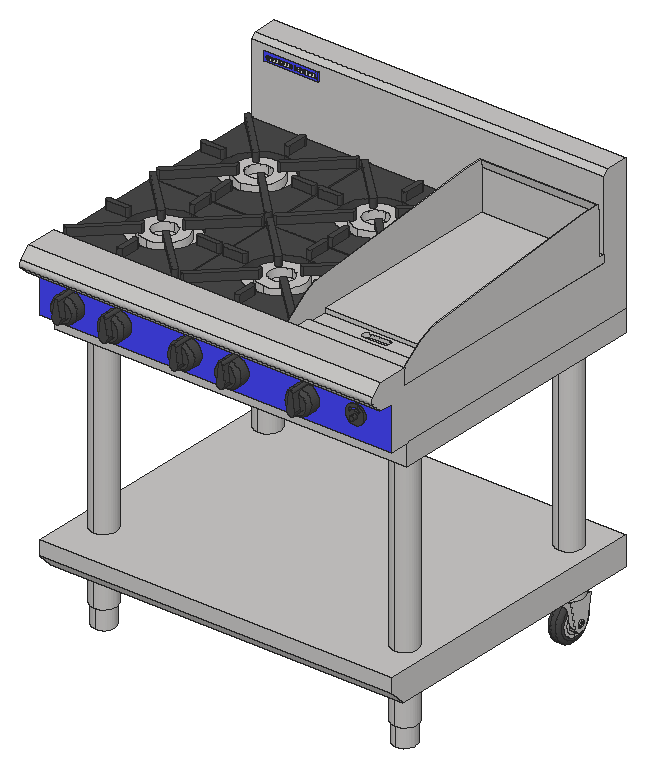
Revit family "QF_MOFFAT_BLUESEAL_CE_G516C-LS", category Specialty Equipment, Revit 2012
Parameters
  Width = 900 mm
  Weight in Pounds = 283  # constant formula
  URL Cutsheet = "www.moffat.com"
  URL = "www.moffat.com"
  Type Mark [instance] = ""
  Status [instance] = ""
  Specification by User [instance] = ""
  Specification by Manufacturer = ""
  Show Logo [instance] = yes
  Show Casters [instance] = yes
  Serial Number = ""
  Seismic Rating = ""
  SMACNA No = ""
  Revision Code [instance] = ""
  Omniclass Number and Title = ""
  NAFEM Spec ID Number = ""
  Model = "G516C-LS"
  Mechanical Remarks = ""
  Mechanical Connection Type = ""
  Masterspec = ""
  Manufacturer = "MOFFAT BLUESEAL"
  Legs [instance] = not(Show Casters)  # no
  Item Number [instance] = ""
  Installed By [instance] = ""
  Identify Quantity as Lot [instance] = yes
  Gas Size = 3/4"
  Gas RI Height = 0 mm
  Gas KW = 36.6
  Gas Input = 125111.0 Btu/h
  Gas Connection Height = 0 mm
  Furnished By [instance] = ""
  Foodservice Equipment Identifier [instance] = yes
  Description = "900MM GAS COOK TOP ON LEG STAND"
  Depth = 812 mm
  CSI MasterFormat = ""
  CSI Master Format = ""
  Base Height [instance] = 150 mm
Reference planes
  plane 1 "BACK": y = 0
  plane 2: z = 0
  plane 3 "LEFT": x = 0
  plane 4 "RIGHT": x = 900
  plane 5 "FRONT": y = -812
  plane 6 "TOP": z = 970
  plane 7 "Center Y": x = 450
  plane 8 "Center X": y = -406
  plane 9 "Base Height": z = 150
  plane 10: z = 915
  plane 11: x = 770
  plane 12: z = 1085
  plane 13: x = 65.354
  plane 14: y = -625
  plane 15: y = -100
  plane 16: x = 834.646
  plane 17: z = 655
Forms (mm)
  Extrusion 1, solid, material "QF_Finishes_Stainless Steel"
    sketch origin (0, 0, 0) x (0, 1, 0) y (0, 0, 1)
      loop
        line (-749, 850) -> (-749, 740) -> (0, 740) -> (0, 1085) -> (-57.5, 1085) -> (-70, 1072.5) -> (-70, 875) -> (-705, 875) -> (-705, 915) -> (-783.97, 915) -> (-808.485, 890.485)
        arc (-808.485, 890.485) -> (-811.999, 882) -> (-808.485, 873.515) r 12
        line (-808.485, 873.515) -> (-784.97, 850) -> (-749, 850)
      loop
        line (0, 685) -> (0, 739.5) -> (-699, 739.5) -> (-699, 685) -> (0, 685)
      loop
        line (0, 222.5) -> (-749, 222.5) -> (-749, 186) -> (-713, 150) -> (0, 150) -> (0, 222.5)
    from 0 to 900
  Revolve 2, solid, material "QF_Finishes_Black"
    sketch origin (90, 7, 600) x (0, 1, 0) y (0, 0, -1)
      loop
        line (-789, -229.5) -> (-766, -229.5) -> (-766, -202) -> (-756, -202) -> (-756, -197) -> (-800, -197) -> (-800, -223.651) -> (-789, -229.5)
      axis (-800, -197) -> (-756, -197)
    angle from 0 to 360
  Extrusion 3, solid, material "QF_Finishes_Black"
    sketch origin (90, -759, 797) x (0, 0, 1) y (1, 0, 0)
      loop
        arc (32.192, -4.965) -> (37.079, 0.034) -> (32.192, 5.033) r 5
        line (32.192, 5.033) -> (-10.726, 10.453)
        arc (-10.726, 10.453) -> (-22.392, 0.618) -> (-11.893, -10.454) r 10.487
        line (-11.893, -10.454) -> (32.192, -4.965)
    from 0 to -49
  Extrusion 4, solid, material "QF_Finishes_Stainless Steel"
    sketch origin (0, 0, 222.5) x (0, -1, 0) y (1, 0, 0)
      loop
        circle (100, 65) r 31.75
      loop
        circle (625, 65) r 31.75
      loop
        circle (100, 835) r 31.75
      loop
        circle (625, 835) r 31.75
    from 0 to 462.5
  Revolve 5, solid, material "QF_Finishes_Stainless Steel", visible <- "Legs"
    sketch origin (65.5, -166, 0) x (0, 1, 0) y (0, 0, 1)
      loop
        line (34.25, 150) -> (34.25, 50) -> (38.5, 50) -> (38.5, 0) -> (66, 0) -> (66, 150) -> (34.25, 150)
      axis (66, 150) -> (66, 0)
    angle from 0 to 360
  Revolve 6, solid, material "QF_Finishes_Stainless Steel"
    sketch origin (65.5, -735, 0) x (0, 1, 0) y (0, 0, 1)
      loop
        line (78.25, 150) -> (78.25, 50) -> (82.5, 50) -> (82.5, 0) -> (110, 0) -> (110, 150) -> (78.25, 150)
      axis (110, 150) -> (110, 0)
    angle from 0 to 360
  Revolve 7, solid, material "QF_Finishes_Stainless Steel", visible <- "Legs"
    sketch origin (834.646, -166, -0.354) x (0, 1, 0) y (0, 0, -1)
      loop
        line (34.25, -150) -> (66, -150) -> (66, -0.354) -> (38.5, -0.354) -> (38.5, -50) -> (34.25, -50) -> (34.25, -150)
      axis (66, -150) -> (66, -0.354)
    angle from 0 to 360
  Revolve 8, solid, material "QF_Finishes_Stainless Steel"
    sketch origin (834.646, -728, -0.354) x (0, 1, 0) y (0, 0, -1)
      loop
        line (71.25, -150) -> (103, -150) -> (103, -0.354) -> (75.5, -0.354) -> (75.5, -50) -> (71.25, -50) -> (71.25, -150)
      axis (103, -150) -> (103, -0.354)
    angle from 0 to 360
  Revolve 9, solid, material "QF_Finishes_Stainless Steel", visible <- "Show Casters"
    sketch origin (16.276, -100.755, -12.8) x (1, 0, 0) y (0, 0, 1)
      loop
        line (14.841, 63.604) -> (83.584, 63.604) -> (83.584, 67.109) -> (82.314, 68.379) -> (80.79, 68.379) -> (80.79, 71.826) -> (68.644, 71.826) -> (68.644, 81.79) -> (65.088, 83.843) -> (63.738, 92.179) -> (65.881, 92.179) -> (65.881, 98.529) -> (65.088, 98.529) -> (65.088, 104.879)
        arc (65.088, 104.879) -> (62.298, 111.614) -> (55.563, 114.404) r 9.525
        line (55.563, 114.404) -> (42.863, 114.404)
        arc (42.863, 114.404) -> (36.127, 111.614) -> (33.338, 104.879) r 9.525
        line (33.338, 104.879) -> (33.338, 98.529) -> (32.544, 98.529) -> (32.544, 92.179) -> (34.687, 92.179) -> (33.352, 83.932) -> (29.782, 81.871) -> (29.782, 71.826) -> (17.635, 71.826) -> (17.635, 68.379) -> (16.111, 68.379) -> (14.841, 67.109) -> (14.841, 63.604)
      axis (14.841, 63.604) -> (83.584, 63.604)
    angle from 0 to 360
  Extrusion 10, solid, material "QF_Finishes_Stainless Steel", visible <- "Show Casters"
    sketch origin (72.001, 132.353, -8.783) x (0, 1, 0) y (0, 0, 1)
      loop
        line (-200.603, 118.783) -> (-264.103, 118.783) -> (-251.746, 53.895)
        arc (-251.746, 53.895) -> (-232.353, 38.783) -> (-212.959, 53.895) r 20
        line (-212.959, 53.895) -> (-200.603, 118.783)
    from -35.667 to 22.923
  Revolve 11, solid, material "QF_Finishes_Stainless Steel", visible <- "Show Casters"
    sketch origin (65.5, -204, 0) x (0, 1, 0) y (0, 0, 1)
      loop
        line (68.25, 150) -> (68.25, 110) -> (104, 110) -> (104, 150) -> (68.25, 150)
      axis (104, 150) -> (104, 110)
    angle from 0 to 360
  Revolve 12, solid, material "QF_Finishes_Stainless Steel", visible <- "Legs"
    sketch origin (65.5, -166, 0) x (0, 1, 0) y (0, 0, 1)
      loop
        line (34.25, 150) -> (34.25, 50) -> (38.5, 50) -> (38.5, 0) -> (66, 0) -> (66, 150) -> (34.25, 150)
      axis (66, 150) -> (66, 0)
    angle from 0 to 360
  Revolve 13, solid, material "QF_Finishes_Stainless Steel", visible <- "Show Casters"
    sketch origin (485.423, -100.755, -12.798) x (1, 0, 0) y (0, 0, 1)
      loop
        line (314.841, 63.604) -> (383.584, 63.604) -> (383.584, 67.109) -> (382.314, 68.379) -> (380.79, 68.379) -> (380.79, 71.826) -> (368.644, 71.826) -> (368.644, 81.79) -> (365.088, 83.843) -> (363.738, 92.179) -> (365.881, 92.179) -> (365.881, 98.529) -> (365.088, 98.529) -> (365.088, 104.879)
        arc (365.088, 104.879) -> (362.298, 111.614) -> (355.563, 114.404) r 9.525
        line (355.563, 114.404) -> (342.863, 114.404)
        arc (342.863, 114.404) -> (336.127, 111.614) -> (333.338, 104.879) r 9.525
        line (333.338, 104.879) -> (333.338, 98.529) -> (332.544, 98.529) -> (332.544, 92.179) -> (334.687, 92.179) -> (333.352, 83.932) -> (329.782, 81.871) -> (329.782, 71.826) -> (317.635, 71.826) -> (317.635, 68.379) -> (316.111, 68.379) -> (314.841, 67.109) -> (314.841, 63.604)
      axis (314.841, 63.604) -> (383.584, 63.604)
    angle from 0 to 360
  Extrusion 14, solid, material "QF_Finishes_Stainless Steel", visible <- "Show Casters"
    sketch origin (841.147, 132.353, -9.137) x (0, 1, 0) y (0, 0, 1)
      loop
        line (-200.603, 118.783) -> (-264.103, 118.783) -> (-251.746, 53.895)
        arc (-251.746, 53.895) -> (-232.353, 38.783) -> (-212.959, 53.895) r 20
        line (-212.959, 53.895) -> (-200.603, 118.783)
    from -35.667 to 22.923
  Revolve 15, solid, material "QF_Finishes_Stainless Steel", visible <- "Show Casters"
    sketch origin (834.646, -204, -0.354) x (0, 1, 0) y (0, 0, 1)
      loop
        line (68.25, 150) -> (68.25, 110) -> (104, 110) -> (104, 150) -> (68.25, 150)
      axis (104, 150) -> (104, 110)
    angle from 0 to 360
  Extrusion 16, solid, material "QF_Finishes_Stainless Steel"
    sketch origin (0, 0, 685) x (-1, 0, 0) y (0, 1, 0)
      loop
        circle (-770, -32) r 6.35
    from 0 to 30
  Revolve 17, solid, material "QF_Finishes_Black"
    sketch origin (390, 7, 600) x (0, 1, 0) y (0, 0, -1)
      loop
        line (-789, -229.5) -> (-766, -229.5) -> (-766, -202) -> (-756, -202) -> (-756, -197) -> (-800, -197) -> (-800, -223.651) -> (-789, -229.5)
      axis (-800, -197) -> (-756, -197)
    angle from 0 to 360
  Extrusion 18, solid, material "QF_Finishes_Black"
    sketch origin (390, -759, 797) x (0, 0, 1) y (1, 0, 0)
      loop
        arc (32.192, -4.965) -> (37.079, 0.034) -> (32.192, 5.033) r 5
        line (32.192, 5.033) -> (-10.726, 10.453)
        arc (-10.726, 10.453) -> (-22.392, 0.618) -> (-11.893, -10.454) r 10.487
        line (-11.893, -10.454) -> (32.192, -4.965)
    from 0 to -49
  Revolve 19, solid, material "QF_Finishes_Black"
    sketch origin (690, 7, 600) x (0, 1, 0) y (0, 0, -1)
      loop
        line (-789, -229.5) -> (-766, -229.5) -> (-766, -202) -> (-756, -202) -> (-756, -197) -> (-800, -197) -> (-800, -223.651) -> (-789, -229.5)
      axis (-800, -197) -> (-756, -197)
    angle from 0 to 360
  Extrusion 20, solid, material "QF_Finishes_Black"
    sketch origin (690, -759, 797) x (0, 0, 1) y (1, 0, 0)
      loop
        arc (32.192, -4.965) -> (37.079, 0.034) -> (32.192, 5.033) r 5
        line (32.192, 5.033) -> (-10.726, 10.453)
        arc (-10.726, 10.453) -> (-22.392, 0.618) -> (-11.893, -10.454) r 10.487
        line (-11.893, -10.454) -> (32.192, -4.965)
    from 0 to -49
  Extrusion 21, solid, material "QF_Finishes_Black"
    sketch origin (0, -749, 850) x (0, 0, -1) y (1, 0, 0)
      loop
        circle (53, 810) r 23.9
      loop
        arc (45.641, 818.419) -> (46.501, 823.219) -> (41.701, 824.079) r 3.448
        arc (41.701, 824.079) -> (35.116, 809.341) -> (42.919, 795.209) r 18.095
        arc (42.919, 795.209) -> (47.641, 796.491) -> (46.326, 801.204) r 3.448
        arc (46.326, 801.204) -> (42.758, 809.683) -> (45.641, 818.419) r 13.109
    from 0 to 5
  Extrusion 22, solid, material "QF_Finishes_Black"
    sketch origin (0, -754, 850) x (0, 0, -1) y (1, 0, 0)
      loop
        circle (56.5, 810) r 5.75
    from 0 to 10
  Revolve 23, solid, material "QF_Finishes_Black"
    sketch origin (210, 7, 600) x (0, 1, 0) y (0, 0, -1)
      loop
        line (-789, -229.5) -> (-766, -229.5) -> (-766, -202) -> (-756, -202) -> (-756, -197) -> (-800, -197) -> (-800, -223.651) -> (-789, -229.5)
      axis (-800, -197) -> (-756, -197)
    angle from 0 to 360
  Extrusion 24, solid, material "QF_Finishes_Black"
    sketch origin (210, -759, 797) x (0, 0, 1) y (1, 0, 0)
      loop
        arc (32.192, -4.965) -> (37.079, 0.034) -> (32.192, 5.033) r 5
        line (32.192, 5.033) -> (-10.726, 10.453)
        arc (-10.726, 10.453) -> (-22.392, 0.618) -> (-11.893, -10.454) r 10.487
        line (-11.893, -10.454) -> (32.192, -4.965)
    from 0 to -49
  Revolve 25, solid, material "QF_Finishes_Black"
    sketch origin (510, 7, 600) x (0, 1, 0) y (0, 0, -1)
      loop
        line (-789, -229.5) -> (-766, -229.5) -> (-766, -202) -> (-756, -202) -> (-756, -197) -> (-800, -197) -> (-800, -223.651) -> (-789, -229.5)
      axis (-800, -197) -> (-756, -197)
    angle from 0 to 360
  Extrusion 26, solid, material "QF_Finishes_Black"
    sketch origin (510, -759, 797) x (0, 0, 1) y (1, 0, 0)
      loop
        arc (32.192, -4.965) -> (37.079, 0.034) -> (32.192, 5.033) r 5
        line (32.192, 5.033) -> (-10.726, 10.453)
        arc (-10.726, 10.453) -> (-22.392, 0.618) -> (-11.893, -10.454) r 10.487
        line (-11.893, -10.454) -> (32.192, -4.965)
    from 0 to -49
Lines and regions (mm)
  Split face 1
    outline origin (0, -56.5, 1085) x (0, 1, 0) y (-1, 0, 0)
      loop
        line (11.115, -338.041) -> (11.115, -566)
        arc (11.115, -566) -> (16.115, -574.66) -> (26.115, -574.66) r 10
        line (26.115, -574.66) -> (33.115, -570.619)
        arc (33.115, -570.619) -> (36.775, -566.959) -> (38.115, -561.959) r 10
        line (38.115, -561.959) -> (38.115, -334)
        arc (38.115, -334) -> (33.115, -325.34) -> (23.115, -325.34) r 10
        line (23.115, -325.34) -> (16.115, -329.381)
        arc (16.115, -329.381) -> (12.455, -333.041) -> (11.115, -338.041) r 10
  Split face 2
    outline origin (0, -56.5, 1085) x (0, 1, 0) y (-1, 0, 0)
      loop
        line (38.115, -851.959) -> (38.115, -624)
        arc (38.115, -624) -> (33.115, -615.34) -> (23.115, -615.34) r 10
        line (23.115, -615.34) -> (16.115, -619.381)
        arc (16.115, -619.381) -> (12.455, -623.041) -> (11.115, -628.041) r 10
        line (11.115, -628.041) -> (11.115, -856)
        arc (11.115, -856) -> (16.115, -864.66) -> (26.115, -864.66) r 10
        line (26.115, -864.66) -> (33.115, -860.619)
        arc (33.115, -860.619) -> (36.775, -856.959) -> (38.115, -851.959) r 10
  Split face 3
    outline origin (0, -56.5, 1085) x (0, 1, 0) y (-1, 0, 0)
      loop
        line (11.115, -48.041) -> (11.115, -276)
        arc (11.115, -276) -> (16.115, -284.66) -> (26.115, -284.66) r 10
        line (26.115, -284.66) -> (33.115, -280.619)
        arc (33.115, -280.619) -> (36.775, -276.959) -> (38.115, -271.959) r 10
        line (38.115, -271.959) -> (38.115, -44)
        arc (38.115, -44) -> (33.115, -35.34) -> (23.115, -35.34) r 10
        line (23.115, -35.34) -> (16.115, -39.381)
        arc (16.115, -39.381) -> (12.455, -43.041) -> (11.115, -48.041) r 10
  symbolic lines, style "SpecialityEquipmentHiddenLines", visible <- "Show Casters"
    curve 1: line (78.456, -46.735, 0) -> (105.952, -62.61, 0)
    curve 2: line (27.656, -134.723, 0) -> (78.456, -46.735, 0)
    curve 3: line (55.152, -150.598, 0) -> (27.656, -134.723, 0)
    curve 4: line (105.952, -62.61, 0) -> (55.152, -150.598, 0)
    curve 5: line (848.456, -46.735, 0) -> (875.952, -62.61, 0)
    curve 6: line (797.656, -134.723, 0) -> (848.456, -46.735, 0)
    curve 7: line (825.152, -150.598, 0) -> (797.656, -134.723, 0)
    curve 8: line (875.952, -62.61, 0) -> (825.152, -150.598, 0)
  symbolic lines
    curve 9: line (0, -783.97, 0) -> (900, -783.97, 0)
    curve 10: line (0, 0, 0) -> (0, -811.999, 0)
    curve 11: line (900, -811.999, 0) -> (900, 0, 0)
    curve 12: line (900, -811.999, 0) -> (0, -811.999, 0)
    curve 13: line (0, -70, 0) -> (900, -70, 0)
    curve 14: line (0, -57.5, 0) -> (900, -57.5, 0)
    curve 15: line (900, 0, 0) -> (0, 0, 0)
    curve 16: line (561.959, -18.385, 0) -> (334, -18.385, 0)
    curve 17: arc (334, -18.385, 0) -> (325.34, -23.385, 0) -> (325.34, -33.385, 0) r 10
    curve 18: line (325.34, -33.385, 0) -> (329.381, -40.385, 0)
    curve 19: arc (329.381, -40.385, 0) -> (333.041, -44.045, 0) -> (338.041, -45.385, 0) r 10
    curve 20: line (338.041, -45.385, 0) -> (566, -45.385, 0)
    curve 21: arc (566, -45.385, 0) -> (574.66, -40.385, 0) -> (574.66, -30.385, 0) r 10
    curve 22: line (574.66, -30.385, 0) -> (570.619, -23.385, 0)
    curve 23: arc (570.619, -23.385, 0) -> (566.959, -19.725, 0) -> (561.959, -18.385, 0) r 10
    curve 24: line (851.959, -18.385, 0) -> (624, -18.385, 0)
    curve 25: arc (624, -18.385, 0) -> (615.34, -23.385, 0) -> (615.34, -33.385, 0) r 10
    curve 26: line (615.34, -33.385, 0) -> (619.381, -40.385, 0)
    curve 27: arc (619.381, -40.385, 0) -> (623.041, -44.045, 0) -> (628.041, -45.385, 0) r 10
    curve 28: line (628.041, -45.385, 0) -> (856, -45.385, 0)
    curve 29: arc (856, -45.385, 0) -> (864.66, -40.385, 0) -> (864.66, -30.385, 0) r 10
    curve 30: line (864.66, -30.385, 0) -> (860.619, -23.385, 0)
    curve 31: arc (860.619, -23.385, 0) -> (856.959, -19.725, 0) -> (851.959, -18.385, 0) r 10
    curve 32: line (271.959, -18.385, 0) -> (44, -18.385, 0)
    curve 33: arc (44, -18.385, 0) -> (35.34, -23.385, 0) -> (35.34, -33.385, 0) r 10
    curve 34: line (35.34, -33.385, 0) -> (39.381, -40.385, 0)
    curve 35: arc (39.381, -40.385, 0) -> (43.041, -44.045, 0) -> (48.041, -45.385, 0) r 10
    curve 36: line (48.041, -45.385, 0) -> (276, -45.385, 0)
    curve 37: arc (276, -45.385, 0) -> (284.66, -40.385, 0) -> (284.66, -30.385, 0) r 10
    curve 38: line (284.66, -30.385, 0) -> (280.619, -23.385, 0)
    curve 39: arc (280.619, -23.385, 0) -> (276.959, -19.725, 0) -> (271.959, -18.385, 0) r 10
    curve 40: line (0, -705, 0) -> (900, -705, 0)
Dimensions and locks
  equal spacing: plane 3 "LEFT", plane 7 "Center Y", plane 4 "RIGHT"
  "Width": plane 3 "LEFT" to plane 4 "RIGHT"
  equal spacing: plane 5 "FRONT", plane 8 "Center X", plane 1 "BACK"
  "Depth": plane 5 "FRONT" to plane 1 "BACK"
  equal spacing: plane 4 "RIGHT", plane 7 "Center Y", plane 3 "LEFT"
  plane 4 "RIGHT" to plane 3 "LEFT" = 900 mm
  plane 5 "FRONT" to plane 1 "BACK" = 812 mm
  "Base Height": plane 9 "Base Height" to level
  plane 6 "TOP" to level = 970 mm
  plane 10 to level = 915 mm
  plane 11 to plane 4 "RIGHT" = 130 mm
  plane 12 to plane 2 = 1085 mm
  Revolve 9 sketch curve to Revolve 9 sketch curve = 50.8 mm
  Revolve 13 sketch curve to Revolve 13 sketch curve = 50.8 mm
  plane 15 to plane 14 = 525 mm
  plane 17 to plane 2 = 655 mm
  Extrusion 16 sketch curve to plane 1 "BACK" = 32 mm
  aligned and locked: level to plane 2
Automatic sketch dimensions
  plane 1 "BACK" to curve 15 = 0 mm
  curve 15 to plane 3 "LEFT" = 0 mm
  curve 11 to plane 4 "RIGHT" = 0 mm
  plane 3 "LEFT" to curve 2 = 27.656 mm
  plane 13 to curve 34 = 30.014 mm
  curve 34 to curve 34 = 4.041 mm
  curve 33 to curve 33 = 8.66 mm
  curve 34 to curve 35 = 8.66 mm
  plane 13 to curve 3 = 10.202 mm
  curve 1 to plane 13 = 13.102 mm
  plane 1 "BACK" to curve 39 = 18.385 mm
  curve 1 to curve 39 = 166.007 mm
  curve 39 to curve 37 = 4.041 mm
  curve 32 to curve 39 = 8.66 mm
  plane 1 "BACK" to curve 38 = 30.385 mm
  curve 38 to curve 38 = 4.041 mm
  plane 1 "BACK" to curve 18 = 33.385 mm
  curve 38 to curve 18 = 40.679 mm
  curve 17 to curve 19 = 4.041 mm  (x2)
  curve 17 to curve 16 = 8.66 mm
  plane 1 "BACK" to curve 23 = 28.385 mm
  plane 7 "Center Y" to curve 23 = 111.959 mm
  curve 23 to curve 20 = 4.041 mm
  curve 16 to curve 23 = 8.66 mm
  curve 23 to curve 21 = 4.041 mm
  plane 1 "BACK" to curve 26 = 33.385 mm
  curve 22 to curve 26 = 40.679 mm
  curve 26 to curve 27 = 4.041 mm
  curve 25 to curve 24 = 8.66 mm
  curve 26 to curve 27 = 8.66 mm
  plane 11 to curve 6 = 27.656 mm
  curve 8 to plane 16 = 9.494 mm
  plane 16 to curve 6 = 13.809 mm
  plane 16 to curve 24 = 17.312 mm
  curve 5 to curve 28 = 7.544 mm
  curve 31 to curve 31 = 8.66 mm
  curve 31 to curve 29 = 4.041 mm
  curve 33 to curve 32 = 15 mm
  curve 27 to curve 25 = 2 mm
  curve 37 to curve 37 = 5 mm
  curve 35 to curve 33 = 7 mm
  plane 1 "BACK" to curve 29 = 35.385 mm
  curve 21 to curve 23 = 7 mm
  curve 19 to curve 17 = 2 mm
  curve 27 to curve 26 = 7 mm
  curve 18 to curve 17 = 7 mm
  curve 1 to curve 36 = 1.35 mm
  curve 6 to curve 28 = 1.35 mm
  curve 14 to plane 15 = 42.5 mm
  curve 5 to curve 14 = 5.11 mm
  curve 4 to curve 1 = 15.875 mm
  curve 13 to curve 14 = 12.5 mm
  plane 14 to curve 40 = 80 mm
  curve 9 to plane 5 "FRONT" = 28.03 mm
  curve 12 to plane 5 "FRONT" = 0.001 mm
  curve 27 to curve 25 = 7 mm
  curve 19 to curve 17 = 7 mm
  curve 29 to curve 31 = 7 mm
  curve 37 to curve 39 = 7 mm
  plane 10 to Extrusion 1 sketch curve = 0 mm
  Extrusion 1 sketch curve to plane 9 "Base Height" = 0 mm
  plane 12 to Extrusion 1 sketch curve = 0 mm
  Extrusion 1 sketch curve to plane 1 "BACK" = 0 mm  (x3)
  Extrusion 1 sketch curve to plane 15 = 42.5 mm
  plane 12 to Extrusion 1 sketch curve = 12.5 mm
  Extrusion 1 sketch curve to Extrusion 1 sketch curve = 12.5 mm
  plane 17 to Extrusion 1 sketch curve = 30 mm
  plane 14 to Extrusion 1 sketch curve = 74 mm
  plane 14 to Extrusion 1 sketch curve = 80 mm
  plane 14 to Extrusion 1 sketch curve = 88 mm
  Extrusion 1 sketch curve to Extrusion 1 sketch curve = 44 mm
  Extrusion 1 sketch curve to Extrusion 1 sketch curve = 36 mm
  Extrusion 1 sketch curve to plane 5 "FRONT" = 28.03 mm
  Extrusion 1 sketch curve to plane 5 "FRONT" = 27.03 mm
  Extrusion 1 sketch curve to plane 5 "FRONT" = 12.001 mm
  Extrusion 1 sketch curve to plane 5 "FRONT" = 3.515 mm  (x2)
  plane 9 "Base Height" to Extrusion 1 sketch curve = 36 mm
  plane 9 "Base Height" to Extrusion 1 sketch curve = 72.5 mm
  Extrusion 1 sketch curve to Extrusion 1 sketch curve = 54.5 mm
  Extrusion 1 sketch curve to Extrusion 1 sketch curve = 0.5 mm
  plane 10 to Extrusion 1 sketch curve = 65 mm
  Extrusion 1 sketch curve to Extrusion 1 sketch curve = 23.515 mm
  plane 10 to Extrusion 1 sketch curve = 40 mm
  Extrusion 1 sketch curve to Extrusion 1 sketch curve = 8.485 mm
  Revolve 2 sketch curve to plane 5 "FRONT" = 19 mm
  Revolve 2 sketch curve to Revolve 2 sketch curve = 0 mm  (x2)
  Revolve 2 sketch curve to Revolve 2 sketch curve = 11 mm
  Revolve 2 sketch curve to Revolve 2 sketch curve = 12.7 mm
  Revolve 2 sketch curve to Revolve 2 sketch curve = 23 mm
  Revolve 2 sketch curve to Revolve 2 sketch curve = 10 mm
  plane 10 to Revolve 2 sketch curve = 85.5 mm
  Revolve 2 sketch curve to Revolve 2 sketch curve = 5.849 mm
  Revolve 2 sketch curve to Revolve 2 sketch curve = 27.5 mm
  Revolve 2 sketch curve to Revolve 2 sketch curve = 5 mm
  Extrusion 3 sketch curve to Revolve 2 = 0.034 mm  (x2)
  Revolve 2 to Extrusion 3 sketch curve = 10.454 mm
  Extrusion 3 sketch curve to Extrusion 3 sketch curve = 0.028 mm
  Extrusion 3 sketch curve to Revolve 2 = 10.453 mm
  Extrusion 3 sketch curve to Extrusion 3 sketch curve = 44 mm
  Extrusion 3 sketch curve to Revolve 2 = 5.033 mm
  Extrusion 3 sketch curve to Extrusion 3 sketch curve = 0.113 mm
  Revolve 2 to Extrusion 3 sketch curve = 4.965 mm
  Extrusion 4 sketch curve to Extrusion 4 sketch curve = 0 mm  (x8)
  Extrusion 1 to Extrusion 4 sketch curve = 68.25 mm  (x2)
  Extrusion 4 sketch curve to Extrusion 4 sketch curve = 31.75 mm  (x4)
  Extrusion 4 sketch curve to Extrusion 1 = 155.75 mm  (x2)
  Extrusion 1 to Extrusion 4 sketch curve = 65 mm  (x4)
  Revolve 5 sketch curve to plane 9 "Base Height" = 0 mm
  Revolve 5 sketch curve to level = 0 mm
  Revolve 5 sketch curve to plane 15 = 0 mm  (x2)
  plane 15 to Revolve 5 sketch curve = 27.5 mm
  plane 15 to Revolve 5 sketch curve = 31.75 mm
  Revolve 5 sketch curve to Revolve 5 sketch curve = 55 mm
  level to Revolve 5 sketch curve = 50 mm
  Revolve 5 sketch curve to Revolve 5 sketch curve = 0 mm
  Revolve 6 sketch curve to plane 9 "Base Height" = 0 mm
  Revolve 6 sketch curve to level = 0 mm
  Revolve 6 sketch curve to plane 14 = 0 mm  (x2)
  Revolve 6 sketch curve to Revolve 6 sketch curve = 27.5 mm
  Revolve 6 sketch curve to Revolve 6 sketch curve = 31.75 mm
  Revolve 6 sketch curve to Revolve 6 sketch curve = 55 mm
  level to Revolve 6 sketch curve = 50 mm
  Revolve 6 sketch curve to Revolve 6 sketch curve = 0 mm
  Revolve 7 sketch curve to level = 0 mm
  Revolve 7 sketch curve to plane 15 = 0 mm  (x2)
  plane 15 to Revolve 7 sketch curve = 27.5 mm
  Revolve 7 sketch curve to plane 9 "Base Height" = 0.354 mm
  plane 15 to Revolve 7 sketch curve = 31.75 mm
  level to Revolve 7 sketch curve = 49.646 mm
  Revolve 7 sketch curve to Revolve 7 sketch curve = 0 mm
  Revolve 7 sketch curve to level = 55.354 mm
  Revolve 8 sketch curve to level = 0 mm
  Revolve 8 sketch curve to plane 14 = 0 mm  (x2)
  Revolve 8 sketch curve to Revolve 8 sketch curve = 27.5 mm
  Revolve 8 sketch curve to plane 9 "Base Height" = 0.354 mm
  plane 14 to Revolve 8 sketch curve = 31.75 mm
  level to Revolve 8 sketch curve = 49.646 mm
  Revolve 8 sketch curve to Revolve 8 sketch curve = 0 mm
  Revolve 8 sketch curve to Revolve 8 sketch curve = 55.354 mm
  plane 3 "LEFT" to Revolve 9 sketch curve = 31.118 mm
  Revolve 9 sketch curve to Revolve 9 sketch curve = 1.27 mm  (x4)
  Revolve 9 sketch curve to Revolve 9 sketch curve = 1.524 mm  (x2)
  Revolve 9 sketch curve to Revolve 9 sketch curve = 12.146 mm  (x2)
  plane 13 to Revolve 9 sketch curve = 16.533 mm
  Revolve 9 sketch curve to Revolve 9 sketch curve = 0.794 mm  (x2)
  Revolve 9 sketch curve to Revolve 9 sketch curve = 3.57 mm
  Revolve 9 sketch curve to Revolve 9 sketch curve = 2.143 mm
  plane 13 to Revolve 9 sketch curve = 6.215 mm
  Revolve 9 sketch curve to plane 13 = 5.276 mm
  Revolve 9 sketch curve to plane 13 = 6.485 mm
  Revolve 9 sketch curve to plane 13 = 14.661 mm
  Revolve 9 sketch curve to Revolve 9 sketch curve = 1.349 mm  (x2)
  Revolve 9 sketch curve to Revolve 9 sketch curve = 3.556 mm
  Revolve 9 sketch curve to Revolve 9 sketch curve = 33.32 mm
  level to Revolve 9 sketch curve = 50.804 mm
  Revolve 9 sketch curve to Revolve 9 sketch curve = 0 mm
  Revolve 9 sketch curve to Revolve 9 sketch curve = 3.505 mm  (x2)
  Revolve 9 sketch curve to Revolve 9 sketch curve = 3.447 mm  (x2)
  Revolve 9 sketch curve to Revolve 9 sketch curve = 9.964 mm
  Revolve 9 sketch curve to Revolve 9 sketch curve = 10.045 mm
  Revolve 9 sketch curve to Revolve 9 sketch curve = 2.053 mm
  Revolve 9 sketch curve to Revolve 9 sketch curve = 2.061 mm
  Revolve 9 sketch curve to Revolve 9 sketch curve = 8.247 mm
  Revolve 9 sketch curve to Revolve 9 sketch curve = 8.336 mm
  Revolve 9 sketch curve to Revolve 9 sketch curve = 6.35 mm  (x2)
  Extrusion 10 sketch curve to plane 15 = 0 mm
  plane 15 to Extrusion 10 sketch curve = 19.393 mm
  plane 15 to Extrusion 10 sketch curve = 31.75 mm
  Extrusion 10 sketch curve to plane 15 = 19.393 mm
  Extrusion 10 sketch curve to plane 15 = 31.75 mm
  level to Extrusion 10 sketch curve = 45.111 mm
  Extrusion 10 sketch curve to Extrusion 10 sketch curve = 4.889 mm
  Extrusion 10 sketch curve to plane 9 "Base Height" = 40 mm
  Revolve 11 sketch curve to plane 9 "Base Height" = 0 mm
  Revolve 11 sketch curve to plane 15 = 0 mm  (x2)
  plane 15 to Revolve 11 sketch curve = 35.75 mm
  Revolve 11 sketch curve to Revolve 11 sketch curve = 40 mm
  level to Revolve 11 sketch curve = 50 mm
  Revolve 11 sketch curve to level = 55 mm
  Revolve 12 sketch curve to plane 9 "Base Height" = 0 mm
  Revolve 12 sketch curve to level = 0 mm
  Revolve 12 sketch curve to plane 15 = 0 mm  (x2)
  plane 15 to Revolve 12 sketch curve = 27.5 mm
  plane 15 to Revolve 12 sketch curve = 31.75 mm
  Revolve 12 sketch curve to Revolve 12 sketch curve = 55 mm
  level to Revolve 12 sketch curve = 50 mm
  Revolve 12 sketch curve to Revolve 12 sketch curve = 0 mm
  plane 11 to Revolve 13 sketch curve = 30.264 mm
  Revolve 13 sketch curve to Revolve 13 sketch curve = 1.27 mm  (x4)
  Revolve 13 sketch curve to Revolve 13 sketch curve = 1.524 mm  (x2)
  Revolve 13 sketch curve to Revolve 13 sketch curve = 12.146 mm  (x2)
  Revolve 13 sketch curve to plane 16 = 16.68 mm
  Revolve 13 sketch curve to Revolve 13 sketch curve = 0.794 mm  (x2)
  Revolve 13 sketch curve to Revolve 13 sketch curve = 3.57 mm
  Revolve 13 sketch curve to Revolve 13 sketch curve = 2.143 mm
  Revolve 13 sketch curve to plane 16 = 6.361 mm
  plane 16 to Revolve 13 sketch curve = 5.13 mm
  plane 16 to Revolve 13 sketch curve = 6.339 mm
  plane 16 to Revolve 13 sketch curve = 14.515 mm
  Revolve 13 sketch curve to Revolve 13 sketch curve = 1.349 mm  (x2)
  Revolve 13 sketch curve to Revolve 13 sketch curve = 3.556 mm
  Revolve 13 sketch curve to plane 4 "RIGHT" = 2.327 mm
  level to Revolve 13 sketch curve = 50.806 mm
  Revolve 13 sketch curve to Revolve 13 sketch curve = 0 mm
  Revolve 13 sketch curve to Revolve 13 sketch curve = 3.505 mm  (x2)
  Revolve 13 sketch curve to Revolve 13 sketch curve = 3.447 mm  (x2)
  Revolve 13 sketch curve to Revolve 13 sketch curve = 9.964 mm
  Revolve 13 sketch curve to Revolve 13 sketch curve = 10.045 mm
  Revolve 13 sketch curve to Revolve 13 sketch curve = 2.053 mm
  Revolve 13 sketch curve to Revolve 13 sketch curve = 2.061 mm
  Revolve 13 sketch curve to Revolve 13 sketch curve = 8.247 mm
  Revolve 13 sketch curve to Revolve 13 sketch curve = 8.336 mm
  Revolve 13 sketch curve to Revolve 13 sketch curve = 6.35 mm  (x2)
  Extrusion 14 sketch curve to plane 15 = 0 mm
  plane 15 to Extrusion 14 sketch curve = 19.393 mm
  plane 15 to Extrusion 14 sketch curve = 31.75 mm
  Extrusion 14 sketch curve to plane 15 = 19.393 mm
  Extrusion 14 sketch curve to plane 15 = 31.75 mm
  level to Extrusion 14 sketch curve = 44.758 mm
  Extrusion 14 sketch curve to Extrusion 14 sketch curve = 4.889 mm
  Extrusion 14 sketch curve to plane 9 "Base Height" = 40.354 mm
  Revolve 15 sketch curve to plane 15 = 0 mm  (x2)
  Revolve 15 sketch curve to plane 9 "Base Height" = 0.354 mm
  plane 15 to Revolve 15 sketch curve = 35.75 mm
  Revolve 15 sketch curve to Revolve 15 sketch curve = 40 mm
  level to Revolve 15 sketch curve = 49.646 mm
  Revolve 15 sketch curve to level = 55.354 mm
  Extrusion 16 sketch curve to Extrusion 16 sketch curve = 0 mm
  Extrusion 16 sketch curve to Extrusion 1 = 38.35 mm
  Extrusion 16 sketch curve to Extrusion 1 = 130 mm
  Split face 1 sketch curve to Extrusion 1 = 12.115 mm
  Split face 1 sketch curve to Split face 1 sketch curve = 5 mm  (x2)
  Split face 1 sketch curve to Split face 1 sketch curve = 10 mm  (x3)
  Split face 1 sketch curve to Split face 1 sketch curve = 7 mm  (x4)
  Split face 1 sketch curve to Extrusion 1 = 325.34 mm
  Split face 1 sketch curve to Split face 1 sketch curve = 4.041 mm  (x2)
  Split face 1 sketch curve to Split face 1 sketch curve = 223.917 mm
  Split face 2 sketch curve to Extrusion 1 = 12.115 mm
  Split face 2 sketch curve to Split face 2 sketch curve = 5 mm  (x2)
  Split face 2 sketch curve to Split face 2 sketch curve = 10 mm  (x3)
  Split face 2 sketch curve to Split face 2 sketch curve = 7 mm  (x4)
  Split face 2 sketch curve to Extrusion 1 = 35.34 mm
  Split face 2 sketch curve to Split face 2 sketch curve = 4.041 mm  (x2)
  Split face 2 sketch curve to Split face 2 sketch curve = 223.917 mm
  Split face 3 sketch curve to Extrusion 1 = 12.115 mm
  Split face 3 sketch curve to Split face 3 sketch curve = 5 mm  (x3)
  Split face 3 sketch curve to Split face 3 sketch curve = 10 mm  (x2)
  Split face 3 sketch curve to Split face 3 sketch curve = 7 mm  (x4)
  Split face 3 sketch curve to Extrusion 1 = 284.66 mm
  Split face 3 sketch curve to Split face 3 sketch curve = 4.041 mm  (x2)
  Split face 3 sketch curve to Extrusion 1 = 48.041 mm
  Revolve 17 sketch curve to plane 5 "FRONT" = 19 mm
  Revolve 17 sketch curve to Revolve 17 sketch curve = 0 mm  (x2)
  Revolve 17 sketch curve to Revolve 17 sketch curve = 11 mm
  Revolve 17 sketch curve to Revolve 17 sketch curve = 12.7 mm
  Revolve 17 sketch curve to Revolve 17 sketch curve = 23 mm
  Revolve 17 sketch curve to Revolve 17 sketch curve = 10 mm
  plane 10 to Revolve 17 sketch curve = 85.5 mm
  Revolve 17 sketch curve to Revolve 17 sketch curve = 5.849 mm
  Revolve 17 sketch curve to Revolve 17 sketch curve = 27.5 mm
  Revolve 17 sketch curve to Revolve 17 sketch curve = 5 mm
  Extrusion 18 sketch curve to Revolve 17 = 0.034 mm  (x2)
  Revolve 17 to Extrusion 18 sketch curve = 10.454 mm
  Extrusion 18 sketch curve to Extrusion 18 sketch curve = 0.028 mm
  Extrusion 18 sketch curve to Revolve 17 = 10.453 mm
  Extrusion 18 sketch curve to Extrusion 18 sketch curve = 44 mm
  Extrusion 18 sketch curve to Revolve 17 = 5.033 mm
  Extrusion 18 sketch curve to Extrusion 18 sketch curve = 0.113 mm
  Revolve 17 to Extrusion 18 sketch curve = 4.965 mm
  Revolve 19 sketch curve to plane 5 "FRONT" = 19 mm
  Revolve 19 sketch curve to Revolve 19 sketch curve = 0 mm  (x2)
  Revolve 19 sketch curve to Revolve 19 sketch curve = 11 mm
  Revolve 19 sketch curve to Revolve 19 sketch curve = 12.7 mm
  Revolve 19 sketch curve to Revolve 19 sketch curve = 23 mm
  Revolve 19 sketch curve to Revolve 19 sketch curve = 10 mm
  plane 10 to Revolve 19 sketch curve = 85.5 mm
  Revolve 19 sketch curve to Revolve 19 sketch curve = 5.849 mm
  Revolve 19 sketch curve to Revolve 19 sketch curve = 27.5 mm
  Revolve 19 sketch curve to Revolve 19 sketch curve = 5 mm
  Extrusion 20 sketch curve to Revolve 19 = 0.034 mm  (x2)
  Revolve 19 to Extrusion 20 sketch curve = 10.454 mm
  Extrusion 20 sketch curve to Extrusion 20 sketch curve = 0.028 mm
  Extrusion 20 sketch curve to Revolve 19 = 10.453 mm
  Extrusion 20 sketch curve to Extrusion 20 sketch curve = 44 mm
  Extrusion 20 sketch curve to Revolve 19 = 5.033 mm
  Extrusion 20 sketch curve to Extrusion 20 sketch curve = 0.113 mm
  Revolve 19 to Extrusion 20 sketch curve = 4.965 mm
  Extrusion 21 sketch curve to Extrusion 1 = 41.701 mm
  Extrusion 21 sketch curve to Extrusion 21 sketch curve = 1.218 mm
  Extrusion 21 sketch curve to Extrusion 21 sketch curve = 1.97 mm  (x2)
  Extrusion 21 sketch curve to Extrusion 21 sketch curve = 1.724 mm
  Extrusion 21 sketch curve to Extrusion 21 sketch curve = 1.683 mm
  Extrusion 21 sketch curve to Extrusion 21 sketch curve = 6.674 mm
  Extrusion 21 sketch curve to Extrusion 21 sketch curve = 0.195 mm
  Extrusion 21 sketch curve to Extrusion 21 sketch curve = 2.662 mm
  Extrusion 1 to Extrusion 21 sketch curve = 104.791 mm
  Extrusion 21 sketch curve to Extrusion 21 sketch curve = 2.986 mm
  Extrusion 21 sketch curve to Extrusion 21 sketch curve = 8.796 mm
  Extrusion 21 sketch curve to Extrusion 21 sketch curve = 0.103 mm
  Extrusion 21 sketch curve to Extrusion 21 sketch curve = 0.102 mm
  Revolve 23 sketch curve to plane 5 "FRONT" = 19 mm
  Revolve 23 sketch curve to Revolve 23 sketch curve = 0 mm  (x2)
  Revolve 23 sketch curve to Revolve 23 sketch curve = 11 mm
  Revolve 23 sketch curve to Revolve 23 sketch curve = 12.7 mm
  Revolve 23 sketch curve to Revolve 23 sketch curve = 23 mm
  Revolve 23 sketch curve to Revolve 23 sketch curve = 10 mm
  plane 10 to Revolve 23 sketch curve = 85.5 mm
  Revolve 23 sketch curve to Revolve 23 sketch curve = 5.849 mm
  Revolve 23 sketch curve to Revolve 23 sketch curve = 27.5 mm
  Revolve 23 sketch curve to Revolve 23 sketch curve = 5 mm
  Extrusion 24 sketch curve to Revolve 23 = 0.034 mm  (x2)
  Revolve 23 to Extrusion 24 sketch curve = 10.454 mm
  Extrusion 24 sketch curve to Extrusion 24 sketch curve = 0.028 mm
  Extrusion 24 sketch curve to Revolve 23 = 10.453 mm
  Extrusion 24 sketch curve to Extrusion 24 sketch curve = 44 mm
  Extrusion 24 sketch curve to Revolve 23 = 5.033 mm
  Extrusion 24 sketch curve to Extrusion 24 sketch curve = 0.113 mm
  Revolve 23 to Extrusion 24 sketch curve = 4.965 mm
  Revolve 25 sketch curve to plane 5 "FRONT" = 19 mm
  Revolve 25 sketch curve to Revolve 25 sketch curve = 0 mm  (x2)
  Revolve 25 sketch curve to Revolve 25 sketch curve = 11 mm
  Revolve 25 sketch curve to Revolve 25 sketch curve = 12.7 mm
  Revolve 25 sketch curve to Revolve 25 sketch curve = 23 mm
  Revolve 25 sketch curve to Revolve 25 sketch curve = 10 mm
  plane 10 to Revolve 25 sketch curve = 85.5 mm
  Revolve 25 sketch curve to Revolve 25 sketch curve = 5.849 mm
  Revolve 25 sketch curve to Revolve 25 sketch curve = 27.5 mm
  Revolve 25 sketch curve to Revolve 25 sketch curve = 5 mm
  Extrusion 26 sketch curve to Revolve 25 = 0.034 mm  (x2)
  Revolve 25 to Extrusion 26 sketch curve = 10.454 mm
  Extrusion 26 sketch curve to Extrusion 26 sketch curve = 0.028 mm
  Extrusion 26 sketch curve to Revolve 25 = 10.453 mm
  Extrusion 26 sketch curve to Extrusion 26 sketch curve = 44 mm
  Extrusion 26 sketch curve to Revolve 25 = 5.033 mm
  Extrusion 26 sketch curve to Extrusion 26 sketch curve = 0.113 mm
  Revolve 25 to Extrusion 26 sketch curve = 4.965 mm
  radius of Extrusion 21 sketch curve = 23.9 mm
  radius of Extrusion 22 sketch curve = 5.75 mm
Nested families
  nested 1: "WALDORF LOGO_FACE BASE" at (32, -70, 1057.475) x (1, 0, 0) z (0, -1, 0), visible <- "Show Logo", type "WALDORF LOGO_FACE BASE", detail levels medium+fine
    with Show Logo yes
  nested 2: "GAS BURNER 600 & GRIDDLE 300" at (0, -69.854, 875), type "GAS BURNER 600 & GRIDDLE 300"
    with Width 900 mm, Type Mark "", Status "", Specification by User "", Revision Code "", Item Number "", Installed By "", Identify Quantity as Lot yes, Furnished By "", Foodservice Equipment Identifier yes, Depth 635 mm
Connectors
  piping at (770, -32, 655)
    settings: on Extrusion 16, index 1, connector radius 0.37402", flow factor 0, pipe flow 0 GPM, pressure drop 0.00 psi, fitting loss kfactor 0, connector angle 0.00°, fixture units 0, engagement length 0 mm, flow configuration 1, flow direction 1, fitting loss method 0, system type 7, joint type 0, gender type 0, connector reference index -1, connector utility 0, adjustable connector no, is connector primary yes, fitting loss table "", connector description "GAS CONNECTION"
Definition of nested family "WALDORF LOGO_FACE BASE"
  Parameters (values of type "WALDORF LOGO_FACE BASE")
    Show Logo [instance] = yes
    Default Elevation = 1219.2 mm
  Reference planes
    plane 1 "Center (Front/Back)": y = 0
    plane 2: z = 0
    plane 3 "Center (Left/Right)": x = 0
  Forms (mm)
    Extrusion 1, solid
      sketch origin (0, 0, 0) x (1, 0, 0) y (0, 1, 0)
        loop
          line (-1219.2, 1219.2) -> (-1219.2, -1219.2) -> (1219.2, -1219.2) -> (1219.2, 1219.2) -> (-1219.2, 1219.2)
      from 0 to -304.8
    Extrusion 2, solid, material "QF_Finishes_Blue", visible <- "Show Logo"
      sketch origin (0, -33.217, 0) x (1, 0, 0) y (0, 1, 0)
        loop
          arc (138, 31.942) -> (137.626, 32.844) -> (136.724, 33.217) r 1.276
          line (136.724, 33.217) -> (1.29, 33.217)
          arc (1.29, 33.217) -> (0.378, 32.839) -> (0, 31.927) r 1.29
          line (0, 31.927) -> (0, 11.507)
          arc (0, 11.507) -> (0.378, 10.595) -> (1.29, 10.217) r 1.29
          line (1.29, 10.217) -> (136.71, 10.217)
          arc (136.71, 10.217) -> (137.622, 10.595) -> (138, 11.507) r 1.29
          line (138, 11.507) -> (138, 31.942)
      from 0 to 1.588
    Extrusion 3, solid, material "QF_Finishes_White", visible <- "Show Logo"
      sketch origin (0, -33.217, 1.588) x (1, 0, 0) y (0, 1, 0)
        loop
          arc (108.946, 25.919) -> (107.613, 25.367) -> (107.061, 24.034) r 1.885
          line (107.061, 24.034) -> (107.061, 17.211) -> (112.704, 17.211) -> (112.704, 19.129) -> (115.546, 19.129) -> (115.546, 17.211) -> (121.584, 17.211) -> (121.584, 24.075)
          arc (121.584, 24.075) -> (121.043, 25.379) -> (119.739, 25.919) r 1.845
          line (119.739, 25.919) -> (108.946, 25.919)
        loop
          line (123.478, 25.919) -> (123.478, 17.163) -> (134.904, 17.163) -> (134.904, 19.129) -> (129.246, 19.129) -> (129.246, 25.919) -> (123.478, 25.919)
        loop
          line (112.704, 21.258) -> (115.546, 21.258) -> (115.546, 22.702)
          arc (115.546, 22.702) -> (115.344, 23.188) -> (114.858, 23.389) r 0.687
          line (114.858, 23.389) -> (113.363, 23.389)
          arc (113.363, 23.389) -> (112.897, 23.196) -> (112.704, 22.73) r 0.658
          line (112.704, 22.73) -> (112.704, 21.258)
        loop
          line (105.071, 25.919) -> (93.771, 25.919) -> (93.771, 17.163) -> (105.071, 17.163) -> (105.071, 19.063) -> (99.535, 19.063) -> (99.535, 20.437) -> (105.071, 20.437) -> (105.071, 22.278) -> (99.535, 22.278) -> (99.535, 23.587) -> (105.071, 23.587) -> (105.071, 25.919)
        loop
          line (91.104, 25.919) -> (79.541, 25.919)
          arc (79.541, 25.919) -> (78.558, 25.513) -> (78.152, 24.53) r 1.389
          line (78.152, 24.53) -> (78.152, 22.08)
          arc (78.152, 22.08) -> (78.558, 21.098) -> (79.541, 20.691) r 1.389
          line (79.541, 20.691) -> (86.346, 20.691) -> (86.346, 18.864) -> (83.266, 18.864) -> (83.266, 19.664) -> (78.152, 19.664) -> (78.152, 18.553)
          arc (78.152, 18.553) -> (78.558, 17.57) -> (79.541, 17.163) r 1.389
          line (79.541, 17.163) -> (91.063, 17.163)
          arc (91.063, 17.163) -> (92.045, 17.57) -> (92.452, 18.553) r 1.389
          line (92.452, 18.553) -> (92.452, 20.691)
          arc (92.452, 20.691) -> (92.045, 21.673) -> (91.063, 22.08) r 1.389
          line (91.063, 22.08) -> (83.266, 22.08) -> (83.266, 23.984) -> (86.346, 23.984) -> (86.346, 22.743) -> (92.452, 22.743) -> (92.452, 24.571)
          arc (92.452, 24.571) -> (92.057, 25.524) -> (91.104, 25.919) r 1.348
        loop
          line (70.705, 25.919) -> (59.405, 25.919) -> (59.405, 17.163) -> (70.705, 17.163) -> (70.705, 19.063) -> (65.169, 19.063) -> (65.169, 20.437) -> (70.705, 20.437) -> (70.705, 22.278) -> (65.169, 22.278) -> (65.169, 23.587) -> (70.705, 23.587) -> (70.705, 25.919)
        loop
          line (57.598, 25.919) -> (51.7, 25.919) -> (51.7, 20.18)
          arc (51.7, 20.18) -> (50.63, 19.11) -> (49.56, 20.18) r 1.07
          line (49.56, 20.18) -> (49.56, 25.919) -> (43.663, 25.919) -> (43.663, 19.049)
          arc (43.663, 19.049) -> (44.215, 17.716) -> (45.548, 17.163) r 1.885
          line (45.548, 17.163) -> (55.71, 17.163)
          arc (55.71, 17.163) -> (57.045, 17.716) -> (57.598, 19.051) r 1.887
          line (57.598, 19.051) -> (57.598, 25.919)
        loop
          line (31.62, 25.919) -> (31.62, 17.163) -> (43.046, 17.163) -> (43.046, 19.129) -> (37.388, 19.129) -> (37.388, 25.919) -> (31.62, 25.919)
        loop
          line (15.969, 25.919) -> (15.969, 17.163) -> (28.693, 17.163)
          arc (28.693, 17.163) -> (29.812, 17.627) -> (30.276, 18.746) r 1.582
          line (30.276, 18.746) -> (30.276, 20.447) -> (29.48, 21.243) -> (30.276, 22.039) -> (30.276, 24.332)
          arc (30.276, 24.332) -> (29.811, 25.454) -> (28.688, 25.919) r 1.587
          line (28.688, 25.919) -> (15.969, 25.919)
        loop
          line (21.449, 24.159) -> (21.449, 22.436) -> (23.862, 22.436)
          arc (23.862, 22.436) -> (24.723, 23.298) -> (23.862, 24.159) r 0.861
          line (23.862, 24.159) -> (21.449, 24.159)
        loop
          line (21.449, 20.244) -> (21.449, 18.522) -> (23.862, 18.522)
          arc (23.862, 18.522) -> (24.723, 19.383) -> (23.862, 20.244) r 0.861
          line (23.862, 20.244) -> (21.449, 20.244)
      from 0 to 0.2
    Extrusion 4, solid, material "QF_Finishes_Blue", visible <- "Show Logo"
      sketch origin (-126.498, -31.09, 1.588) x (1, 0, 0) y (0, 1, 0)
        loop
          line (136.738, 23.522) -> (136.738, 15.1)
          arc (136.738, 15.1) -> (140.756, 19.311) -> (136.738, 23.522) r 4.216
      from 0 to 0.2
    Extrusion 5, solid, material "QF_Finishes_Red", visible <- "Show Logo"
      sketch origin (146.849, -31.09, 1.588) x (-1, 0, 0) y (0, -1, 0)
        loop
          arc (136.738, -23.522) -> (140.756, -19.311) -> (136.738, -15.1) r 4.216
          line (136.738, -15.1) -> (136.738, -23.522)
      from 0 to 0.2
  Lines and regions (mm)
    Split face 1
      outline origin (-90.35, -30.793, 1.588) x (1, 0, 0) y (0, 1, 0)
        loop
          circle (100.54, 19.013) r 4.536
  Dimensions and locks
    aligned and locked: plane 2 to Extrusion 1
    aligned and locked: level to Extrusion 1
Definition of nested family "GAS BURNER 600 & GRIDDLE 300"
  Parameters (values of type "GAS BURNER 600 & GRIDDLE 300")
    Width [instance] = 900 mm
    Weight in Pounds = 0
    URL Cutsheet = ""
    Type Mark [instance] = ""
    Status [instance] = ""
    Specification by User [instance] = ""
    Specification by Manufacturer = ""
    Serial Number = ""
    Seismic Rating = ""
    SMACNA No = ""
    Revision Code [instance] = ""
    Omniclass Number and Title = ""
    NAFEM Spec ID Number = ""
    Masterspec = ""
    Item Number [instance] = ""
    Installed By [instance] = ""
    Identify Quantity as Lot [instance] = yes
    Furnished By [instance] = ""
    Foodservice Equipment Identifier [instance] = yes
    Depth [instance] = 635 mm
    CSI MasterFormat = ""
    CSI Master Format = ""
  Reference planes
    plane 1 "BACK": y = 0
    plane 2: z = 0
    plane 3 "LEFT": x = 0
    plane 4 "RIGHT": x = 900
    plane 5 "FRONT": y = -635
    plane 6 "TOP": z = 142.5
    plane 7 "Center Y": x = 450
    plane 8 "Center X": y = -317.5
  Dimensions and locks
    equal spacing: plane 3 "LEFT", plane 7 "Center Y", plane 4 "RIGHT"
    "Width": plane 3 "LEFT" to plane 4 "RIGHT"
    equal spacing: plane 5 "FRONT", plane 8 "Center X", plane 1 "BACK"
    "Depth": plane 5 "FRONT" to plane 1 "BACK"
    aligned and locked: level to plane 2
  Nested families
    nested 1: "GAS BURNER 600" at (0, 0, 0), type "GAS BURNER 600"
      with Width 600 mm, Type Mark "", Status "", Specification by User "", Revision Code "", Item Number "", Installed By "", Identify Quantity as Lot yes, Furnished By "", Foodservice Equipment Identifier yes, Depth 635 mm
    nested 2: "GAS GRIDDLE PLATE 300" at (600, -15, 0), type "GAS GRIDDLE PLATE 300"
      with Width 300 mm, Type Mark "", Status "", Specification by User "", Revision Code "", Item Number "", Installed By "", Identify Quantity as Lot yes, Furnished By "", Foodservice Equipment Identifier yes, Depth 620 mm
  Definition of nested family "GAS BURNER 600"
    Parameters (values of type "GAS BURNER 600")
      Width [instance] = 600 mm
      Weight in Pounds = 0
      URL Cutsheet = ""
      Type Mark [instance] = ""
      Status [instance] = ""
      Specification by User [instance] = ""
      Specification by Manufacturer = ""
      Serial Number = ""
      Seismic Rating = ""
      SMACNA No = ""
      Revision Code [instance] = ""
      Omniclass Number and Title = ""
      NAFEM Spec ID Number = ""
      Masterspec = ""
      Item Number [instance] = ""
      Installed By [instance] = ""
      Identify Quantity as Lot [instance] = yes
      Furnished By [instance] = ""
      Foodservice Equipment Identifier [instance] = yes
      Depth [instance] = 635 mm
      CSI MasterFormat = ""
      CSI Master Format = ""
    Reference planes
      plane 1 "BACK": y = 0
      plane 2: z = 0
      plane 3 "LEFT": x = 0
      plane 4 "RIGHT": x = 600
      plane 5 "FRONT": y = -635
      plane 6 "TOP": z = 142.5
      plane 7 "Center Y": x = 300
      plane 8 "Center X": y = -317.5
    Forms (mm)
      Extrusion 1, solid, material "QF_Finishes_Black"
        sketch origin (0, 0, 0) x (0, -1, 0) y (1, 0, 0)
          loop
            line (318.5, 4) -> (318.5, 296)
            arc (318.5, 296) -> (317.621, 298.121) -> (315.5, 299) r 3
            line (315.5, 299) -> (3, 299)
            arc (3, 299) -> (0.879, 298.121) -> (0, 296) r 3
            line (0, 296) -> (0, 4)
            arc (0, 4) -> (0.879, 1.879) -> (3, 1) r 3
            line (3, 1) -> (315.5, 1)
            arc (315.5, 1) -> (317.621, 1.879) -> (318.5, 4) r 3
          loop
            line (324.5, 1) -> (632, 1)
            arc (632, 1) -> (634.121, 1.879) -> (635, 4) r 3
            line (635, 4) -> (635, 296)
            arc (635, 296) -> (634.121, 298.121) -> (632, 299) r 3
            line (632, 299) -> (324.5, 299)
            arc (324.5, 299) -> (322.379, 298.121) -> (321.5, 296) r 3
            line (321.5, 296) -> (321.5, 4)
            arc (321.5, 4) -> (322.379, 1.879) -> (324.5, 1) r 3
          loop
            circle (168.5, 149.991) r 84.082
          loop
            circle (468.5, 149.991) r 84.082
        from 0 to 19.5
      Extrusion 2, solid, material "QF_Finishes_Black"
        sketch origin (0, 0, 19.5) x (0, -1, 0) y (1, 0, 0)
          loop
            spline (326.102, 15.153) -> (325.181, 13.924) -> (324.631, 12.47) -> (324.49, 10.89) -> (324.767, 9.292) -> (325.443, 7.786) -> (326.473, 6.473) -> (327.786, 5.443) -> (329.292, 4.767) -> (330.89, 4.49) -> (332.47, 4.631) -> (333.924, 5.181) -> (335.153, 6.102)
            line (335.153, 6.102) -> (443.076, 114.025)
            spline (443.076, 114.025) -> (443.837, 115.095) -> (444.238, 116.399) -> (444.251, 117.851) -> (443.875, 119.35) -> (443.137, 120.795) -> (442.086, 122.086) -> (440.795, 123.137) -> (439.35, 123.875) -> (437.851, 124.251) -> (436.399, 124.238) -> (435.095, 123.837) -> (434.025, 123.076)
            line (434.025, 123.076) -> (326.102, 15.153)
          loop
            spline (328.898, 156.4) -> (327.604, 156.182) -> (326.398, 155.543) -> (325.362, 154.525) -> (324.568, 153.2) -> (324.068, 151.656) -> (323.898, 150) -> (324.068, 148.344) -> (324.568, 146.8) -> (325.362, 145.475) -> (326.398, 144.457) -> (327.604, 143.818) -> (328.898, 143.6)
            line (328.898, 143.6) -> (378.102, 143.6)
            spline (378.102, 143.6) -> (379.396, 143.818) -> (380.602, 144.457) -> (381.638, 145.475) -> (382.432, 146.8) -> (382.932, 148.344) -> (383.102, 150) -> (382.932, 151.656) -> (382.432, 153.2) -> (381.638, 154.525) -> (380.602, 155.543) -> (379.396, 156.182) -> (378.102, 156.4)
            line (378.102, 156.4) -> (328.898, 156.4)
          loop
            spline (335.153, 293.898) -> (334.084, 294.659) -> (332.779, 295.059) -> (331.328, 295.072) -> (329.829, 294.697) -> (328.384, 293.959) -> (327.092, 292.908) -> (326.041, 291.616) -> (325.303, 290.171) -> (324.928, 288.672) -> (324.941, 287.221) -> (325.341, 285.916) -> (326.102, 284.847)
            line (326.102, 284.847) -> (434.025, 176.924)
            spline (434.025, 176.924) -> (435.095, 176.163) -> (436.399, 175.762) -> (437.851, 175.749) -> (439.35, 176.125) -> (440.795, 176.863) -> (442.086, 177.914) -> (443.137, 179.205) -> (443.875, 180.65) -> (444.251, 182.149) -> (444.238, 183.601) -> (443.837, 184.905) -> (443.076, 185.975)
            line (443.076, 185.975) -> (335.153, 293.898)
          loop
            line (463.6, 291.102) -> (463.6, 241.898)
            spline (463.6, 241.898) -> (463.818, 240.604) -> (464.457, 239.398) -> (465.475, 238.362) -> (466.8, 237.568) -> (468.344, 237.068) -> (470, 236.898) -> (471.656, 237.068) -> (473.2, 237.568) -> (474.525, 238.362) -> (475.543, 239.398) -> (476.182, 240.604) -> (476.4, 241.898)
            line (476.4, 241.898) -> (476.4, 291.102)
            spline (476.4, 291.102) -> (476.182, 292.396) -> (475.543, 293.602) -> (474.525, 294.638) -> (473.2, 295.432) -> (471.656, 295.932) -> (470, 296.102) -> (468.344, 295.932) -> (466.8, 295.432) -> (465.475, 294.638) -> (464.457, 293.602) -> (463.818, 292.396) -> (463.6, 291.102)
          loop
            spline (612.398, 284.847) -> (613.159, 285.916) -> (613.559, 287.221) -> (613.572, 288.672) -> (613.197, 290.171) -> (612.459, 291.616) -> (611.408, 292.908) -> (610.116, 293.959) -> (608.671, 294.697) -> (607.172, 295.072) -> (605.721, 295.059) -> (604.416, 294.659) -> (603.347, 293.898)
            line (603.347, 293.898) -> (496.924, 185.975)
            spline (496.924, 185.975) -> (496.163, 184.905) -> (495.762, 183.601) -> (495.749, 182.149) -> (496.125, 180.65) -> (496.863, 179.205) -> (497.914, 177.914) -> (499.205, 176.863) -> (500.65, 176.125) -> (502.149, 175.749) -> (503.601, 175.762) -> (504.905, 176.163) -> (505.975, 176.924)
            line (505.975, 176.924) -> (612.398, 284.847)
          loop
            spline (609.602, 143.6) -> (610.896, 143.818) -> (612.102, 144.457) -> (613.138, 145.475) -> (613.932, 146.8) -> (614.432, 148.344) -> (614.602, 150) -> (614.432, 151.656) -> (613.932, 153.2) -> (613.138, 154.525) -> (612.102, 155.543) -> (610.896, 156.182) -> (609.602, 156.4)
            line (609.602, 156.4) -> (561.898, 156.4)
            spline (561.898, 156.4) -> (560.604, 156.182) -> (559.398, 155.543) -> (558.362, 154.525) -> (557.568, 153.2) -> (557.068, 151.656) -> (556.898, 150) -> (557.068, 148.344) -> (557.568, 146.8) -> (558.362, 145.475) -> (559.398, 144.457) -> (560.604, 143.818) -> (561.898, 143.6)
            line (561.898, 143.6) -> (609.602, 143.6)
          loop
            line (612.398, 15.153) -> (505.975, 123.076)
            spline (505.975, 123.076) -> (504.905, 123.837) -> (503.601, 124.238) -> (502.149, 124.251) -> (500.65, 123.875) -> (499.205, 123.137) -> (497.914, 122.086) -> (496.863, 120.795) -> (496.125, 119.35) -> (495.749, 117.851) -> (495.762, 116.399) -> (496.163, 115.095) -> (496.924, 114.025)
            line (496.924, 114.025) -> (603.347, 6.102)
            spline (603.347, 6.102) -> (604.416, 5.341) -> (605.721, 4.941) -> (607.172, 4.928) -> (608.671, 5.303) -> (610.116, 6.041) -> (611.408, 7.092) -> (612.459, 8.384) -> (613.197, 9.829) -> (613.572, 11.328) -> (613.559, 12.779) -> (613.159, 14.084) -> (612.398, 15.153)
          loop
            line (476.4, 8.898) -> (476.4, 58.102)
            spline (476.4, 58.102) -> (476.182, 59.396) -> (475.543, 60.602) -> (474.525, 61.638) -> (473.2, 62.432) -> (471.656, 62.932) -> (470, 63.102) -> (468.344, 62.932) -> (466.8, 62.432) -> (465.475, 61.638) -> (464.457, 60.602) -> (463.818, 59.396) -> (463.6, 58.102)
            line (463.6, 58.102) -> (463.6, 8.898)
            spline (463.6, 8.898) -> (463.818, 7.604) -> (464.457, 6.398) -> (465.475, 5.362) -> (466.8, 4.568) -> (468.344, 4.068) -> (470, 3.898) -> (471.656, 4.068) -> (473.2, 4.568) -> (474.525, 5.362) -> (475.543, 6.398) -> (476.182, 7.604) -> (476.4, 8.898)
          loop
            spline (22.602, 15.153) -> (21.681, 13.924) -> (21.131, 12.47) -> (20.99, 10.89) -> (21.267, 9.292) -> (21.943, 7.786) -> (22.973, 6.473) -> (24.286, 5.443) -> (25.792, 4.767) -> (27.39, 4.49) -> (28.97, 4.631) -> (30.424, 5.181) -> (31.653, 6.102)
            line (31.653, 6.102) -> (139.576, 114.025)
            spline (139.576, 114.025) -> (140.337, 115.095) -> (140.738, 116.399) -> (140.751, 117.851) -> (140.375, 119.35) -> (139.637, 120.795) -> (138.586, 122.086) -> (137.295, 123.137) -> (135.85, 123.875) -> (134.351, 124.251) -> (132.899, 124.238) -> (131.595, 123.837) -> (130.525, 123.076)
            line (130.525, 123.076) -> (22.602, 15.153)
          loop
            spline (25.398, 156.4) -> (24.104, 156.182) -> (22.898, 155.543) -> (21.862, 154.525) -> (21.068, 153.2) -> (20.568, 151.656) -> (20.398, 150) -> (20.568, 148.344) -> (21.068, 146.8) -> (21.862, 145.475) -> (22.898, 144.457) -> (24.104, 143.818) -> (25.398, 143.6)
            line (25.398, 143.6) -> (74.602, 143.6)
            spline (74.602, 143.6) -> (75.896, 143.818) -> (77.102, 144.457) -> (78.138, 145.475) -> (78.932, 146.8) -> (79.432, 148.344) -> (79.602, 150) -> (79.432, 151.656) -> (78.932, 153.2) -> (78.138, 154.525) -> (77.102, 155.543) -> (75.896, 156.182) -> (74.602, 156.4)
            line (74.602, 156.4) -> (25.398, 156.4)
          loop
            spline (31.653, 293.898) -> (30.584, 294.659) -> (29.279, 295.059) -> (27.828, 295.072) -> (26.329, 294.697) -> (24.884, 293.959) -> (23.592, 292.908) -> (22.541, 291.616) -> (21.803, 290.171) -> (21.428, 288.672) -> (21.441, 287.221) -> (21.841, 285.916) -> (22.602, 284.847)
            line (22.602, 284.847) -> (130.525, 176.924)
            spline (130.525, 176.924) -> (131.595, 176.163) -> (132.899, 175.762) -> (134.351, 175.749) -> (135.85, 176.125) -> (137.295, 176.863) -> (138.586, 177.914) -> (139.637, 179.205) -> (140.375, 180.65) -> (140.751, 182.149) -> (140.738, 183.601) -> (140.337, 184.905) -> (139.576, 185.975)
            line (139.576, 185.975) -> (31.653, 293.898)
          loop
            line (160.1, 291.102) -> (160.1, 241.898)
            spline (160.1, 241.898) -> (160.318, 240.604) -> (160.957, 239.398) -> (161.975, 238.362) -> (163.3, 237.568) -> (164.844, 237.068) -> (166.5, 236.898) -> (168.156, 237.068) -> (169.7, 237.568) -> (171.025, 238.362) -> (172.043, 239.398) -> (172.682, 240.604) -> (172.9, 241.898)
            line (172.9, 241.898) -> (172.9, 291.102)
